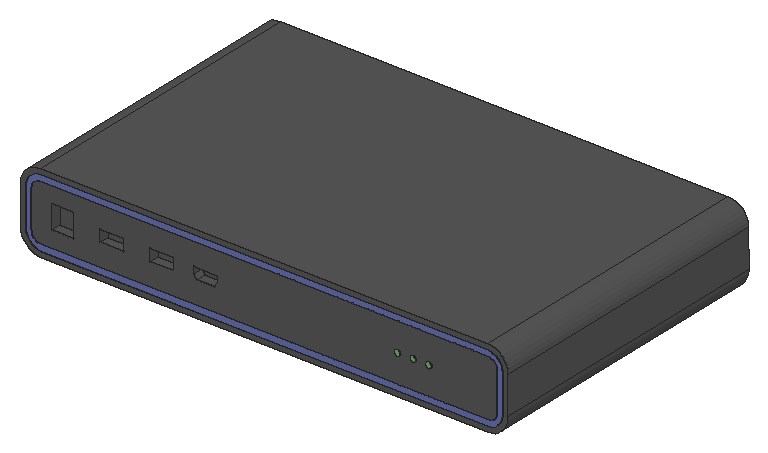
Revit family "Electronics_Huddle-Room-Solutions_Biamp_Devio_Conferencing-Hub_SCR-25__", category Communication Devices, host Face, Revit 2020
Family settings
  Host = Face
  Maintain Annotation Orientation = No
  Round Connector Dimension = Use Diameter
  Part Type = Normal
  OmniClass Number = 23.85.10.17.11.11
  OmniClass Title = Broadcasting Receiving Equipment
  Cut with Voids When Loaded = No
  Shared = No
  Room Calculation Point = No
Parameters (values of type "SCR-25")
  Width = 0' - 11 3/16"  # constant formula
  Weight = 2.00 lbf  # constant formula
  Voltage = 24 V
  USB Sample Rate = "48 kHz"  # constant formula
  USB Device Charging = "Up to 5 W - Requires USB connection to computer"  # constant formula
  USB Bit Depth = "24-bit"  # constant formula
  URL = "https://www.biamp.com/"
  Temperature Range = "32 - 104° F (0 – 40° C)"  # constant formula
  THD+N = "1 kHz, 20 kHz bandwidth, 1 W: < 0.03%"  # constant formula
  Supported Resolutions = "640 x 480p (60 Hz); 720 x 480p (60 Hz); 720 x 576p (50 Hz); 1280 x 720p (50/60 Hz); 1920 x 1080p (50/60 Hz); 3840 x 2160p (30 Hz) - Supported on Output Port 1 only"  # constant formula
  SNMP = "See support website for the full list of attributes"  # constant formula
  Product data url = "https://www.bimobject.com/biamp/product/devio-scr-25_huddle-room-solution"
  Product Page URL = "https://www.biamp.com/products/product-families/devio/huddle-room-solutions#devio-scr-25"
  Product Documentation Link = "https://downloads.biamp.com/assets/docs/default-source/data-sheets/biamp_data_sheet_devio_scr-25_may21.pdf"
  Power Factor = 1
  Physical Interfaces = "HDMI"  # constant formula
  Number of Poles = 1
  Number of Channels = "1"  # constant formula
  Network Connection = "RJ-45 with Ethernet cable (Cat 5e and above)"  # constant formula
  Model = "Devio SCR-25"  # constant formula
  Minimum Operational Load = "4 ohm"  # constant formula
  Compliance = "FCC Part 15B (USA) UL and C-UL listed (USA and Canada) CE Marked (Europe) RoHS Directive (Europe)"  # constant formula
  Bluetooth Wireless Range = "Up to 100 feet (30 m)"  # constant formula
  Bluetooth Receive Sensitivity = "0.1% BER: -88 dBm"  # constant formula
  Bluetooth Maximum Transmit Power = "BER/EDR: 6.43 dBm (EIRP); BLE: 7.69 dBm (EIRP)"  # constant formula
  Max Power Consumption = 60 W
  Manufacturer = "Biamp"  # constant formula
  Intermodulation distortion = "SMPTE, 60 Hz/7 kHz, 4:1, 1W: < 0.07%"  # constant formula
  Indicators = "Mic Status Indicator (Green/Red LED); Room Tuning Indicator (Green/Red LED); Power/Wireless Indicator (Green/Red/Blue LED)"  # constant formula
  Humidity = "0-95% relative humidity (non-condensing)"  # constant formula
  Housing Material = Biamp - Plastic - Black
  Height = 0' - 1 13/16"  # constant formula
  Headset THD+N = "1 kHz - 4 kHz, 8 kHz B/W, FS: < 0.05%"  # constant formula
  Headset Maximum Output = "-3 dBu"  # constant formula
  Headset Frequency Response = "200 Hz - 8 kHz, FS: ±0.5 dB"  # constant formula
  Headset Dynamic Range = "THD+N < 0.05%: 80 dB, A-Weighted"  # constant formula
  HDMI Audio Formats = "2ch L-PCM, 44.1 kHz/48 kHz, 16-bit"  # constant formula
  HDCP Support = "1.4"  # constant formula
  Frequency Response = "20 Hz - 20 kHz: +0.2/-0.5 dB"  # constant formula
  Dynamic Range = "THD+N < 0.5%: 100 dB, A-Weighted "  # constant formula
  Description = "Devio® SCR-25 Conferencing Hub"  # constant formula
  Depth = 0' - 6 57/64"  # constant formula
  Default Elevation = 4' - 0"
  Continuous Power Output = "THD+N < 0.025%: 20 W into Rated Load Impedance"  # constant formula
  Connector Description = "24V DC 60W"  # constant formula
  Bluetooth Version = "4.2, Class 2"  # constant formula
  Bluetooth Supported Profiles = "Hands-Free Profile 1.7 (HFP); Audio/Video Remote Control Profile 1.6 (AVRCP); Advanced Audio Distribution Profile 1.3 (A2DP)"  # constant formula
  Bluetooth Supported Codecs = "CVSD (8 kHz), mSBC (16 kHz) SBC (44.1 kHz), SBC (48 kHz)"  # constant formula
  Bluetooth Mode = "Bluetooth Classic"  # constant formula
  Bluetooth Frequency Band = "2402-2480 MHz"  # constant formula
  Audio THD+N = "20 Hz - 10 kHz, 20 kHz B/W, FS: < 0.005%"  # constant formula
  Audio Sampling Rate = "48 kHz"  # constant formula
  Audio Output Impedance = "100 ohm (unbalanced)"  # constant formula
  Audio Maximum Output = "+8.5 dBu"  # constant formula
  Audio Frequency Response = "20 Hz - 20 kHz, FS: +0/-0.25 dB"  # constant formula
  Audio Dynamic Range = "THD+N < 0.005%: 107 dB, A-Weighted"  # constant formula
  Audio D/A Converters = "24-bit"  # constant formula
  Apparent Load = Max Power Consumption / Power Factor  # 60 VA
  Altitude = "0-6,600 ft (0-2000m) MSL"  # constant formula
Reference planes (in)
  plane 1 "Center (Front/Back)": y = 0
  plane 2: z = 0
  plane 3 "Center (Left/Right)": x = 0
  plane 4: x = -5.59375
  plane 5: x = 5.59375
  plane 6: y = 3.44531
  plane 7: y = -3.44531
  plane 8: z = 1.8125
Forms (in)
  Extrusion 1, solid, material "Biamp - Plastic - Black" <- "Housing Material", detail levels fine
    sketch origin (0, 0, 0) x (1, 0, 0) y (0, 0, 1)
      loop
        line (-5.09375, 0) -> (5.125, 0)
        arc (5.125, 0) -> (5.45646, 0.13729) -> (5.59375, 0.46875) r 0.46875
        line (5.59375, 0.46875) -> (5.59375, 1.34375)
        arc (5.59375, 1.34375) -> (5.45646, 1.67521) -> (5.125, 1.8125) r 0.46875
        line (5.125, 1.8125) -> (-5.125, 1.8125)
        arc (-5.125, 1.8125) -> (-5.45646, 1.67521) -> (-5.59375, 1.34375) r 0.46875
        line (-5.59375, 1.34375) -> (-5.59375, 0.5)
        arc (-5.59375, 0.5) -> (-5.4473, 0.14645) -> (-5.09375, 0) r 0.5
    from -3.44531 to 3.44531
  Extrusion 2, void, detail levels fine
    sketch origin (0, -3.44531, 0) x (-1, 0, 0) y (0, 0, 1)
      loop
        line (5.125, 1.6875) -> (-5.125, 1.6875)
        arc (-5.125, 1.6875) -> (-5.36807, 1.58682) -> (-5.46875, 1.34375) r 0.34375
        line (-5.46875, 1.34375) -> (-5.46875, 0.46875)
        arc (-5.46875, 0.46875) -> (-5.36807, 0.22568) -> (-5.125, 0.125) r 0.34375
        line (-5.125, 0.125) -> (5.09375, 0.125)
        arc (5.09375, 0.125) -> (5.35892, 0.23483) -> (5.46875, 0.5) r 0.375
        line (5.46875, 0.5) -> (5.46875, 1.34375)
        arc (5.46875, 1.34375) -> (5.36807, 1.58682) -> (5.125, 1.6875) r 0.34375
    from 0 to 0.23779
  Extrusion 3, void, detail levels fine
    sketch origin (0, 3.44531, 0) x (-1, 0, 0) y (0, 0, -1)
      loop
        arc (5.125, -1.6875) -> (5.36807, -1.58682) -> (5.46875, -1.34375) r 0.34375
        line (5.46875, -1.34375) -> (5.46875, -0.5)
        arc (5.46875, -0.5) -> (5.35892, -0.23483) -> (5.09375, -0.125) r 0.375
        line (5.09375, -0.125) -> (-0.46875, -0.125)
        arc (-0.46875, -0.125) -> (-0.6875, -0.34375) -> (-0.90625, -0.125) r 0.21875
        line (-0.90625, -0.125) -> (-4.53125, -0.125)
        arc (-4.53125, -0.125) -> (-4.75, -0.34375) -> (-4.96875, -0.125) r 0.21875
        line (-4.96875, -0.125) -> (-5.125, -0.125)
        arc (-5.125, -0.125) -> (-5.36807, -0.22568) -> (-5.46875, -0.46875) r 0.34375
        line (-5.46875, -0.46875) -> (-5.46875, -1.34375)
        arc (-5.46875, -1.34375) -> (-5.36807, -1.58682) -> (-5.125, -1.6875) r 0.34375
        line (-5.125, -1.6875) -> (5.125, -1.6875)
    from 0 to 0.23779
  Extrusion 4, solid, material "Biamp - Plastic - Blue", detail levels medium+fine
    sketch origin (0, -3.44531, 0) x (1, 0, 0) y (0, 0, 1)
      loop
        line (-5.46875, 1.34375) -> (-5.46875, 0.5)
        arc (-5.46875, 0.5) -> (-5.35892, 0.23483) -> (-5.09375, 0.125) r 0.375
        line (-5.09375, 0.125) -> (5.125, 0.125)
        arc (5.125, 0.125) -> (5.36807, 0.22568) -> (5.46875, 0.46875) r 0.34375
        line (5.46875, 0.46875) -> (5.46875, 1.34375)
        arc (5.46875, 1.34375) -> (5.36807, 1.58682) -> (5.125, 1.6875) r 0.34375
        line (5.125, 1.6875) -> (-5.125, 1.6875)
        arc (-5.125, 1.6875) -> (-5.36807, 1.58682) -> (-5.46875, 1.34375) r 0.34375
      loop
        line (5.125, 1.5625) -> (-5.125, 1.5625)
        arc (-5.125, 1.5625) -> (-5.27968, 1.49843) -> (-5.34375, 1.34375) r 0.21875
        line (-5.34375, 1.34375) -> (-5.34375, 0.5)
        arc (-5.34375, 0.5) -> (-5.27053, 0.32322) -> (-5.09375, 0.25) r 0.25
        line (-5.09375, 0.25) -> (5.125, 0.25)
        arc (5.125, 0.25) -> (5.27968, 0.31407) -> (5.34375, 0.46875) r 0.21875
        line (5.34375, 0.46875) -> (5.34375, 1.34375)
        arc (5.34375, 1.34375) -> (5.27968, 1.49843) -> (5.125, 1.5625) r 0.21875
    from -0.23779 to 0
  Extrusion 5, solid, material "Biamp - Plastic - Blue", detail levels fine
    sketch origin (0, 3.44531, 0) x (1, 0, 0) y (0, 0, -1)
      loop
        arc (-5.46875, -1.34375) -> (-5.36807, -1.58682) -> (-5.125, -1.6875) r 0.34375
        line (-5.125, -1.6875) -> (5.125, -1.6875)
        arc (5.125, -1.6875) -> (5.36807, -1.58682) -> (5.46875, -1.34375) r 0.34375
        line (5.46875, -1.34375) -> (5.46875, -0.46875)
        arc (5.46875, -0.46875) -> (5.36807, -0.22568) -> (5.125, -0.125) r 0.34375
        line (5.125, -0.125) -> (4.96875, -0.125)
        arc (4.96875, -0.125) -> (4.75, -0.34375) -> (4.53125, -0.125) r 0.21875
        line (4.53125, -0.125) -> (0.90625, -0.125)
        arc (0.90625, -0.125) -> (0.6875, -0.34375) -> (0.46875, -0.125) r 0.21875
        line (0.46875, -0.125) -> (-5.09375, -0.125)
        arc (-5.09375, -0.125) -> (-5.35892, -0.23483) -> (-5.46875, -0.5) r 0.375
        line (-5.46875, -0.5) -> (-5.46875, -1.34375)
      loop
        arc (5.125, -1.5625) -> (5.27968, -1.49843) -> (5.34375, -1.34375) r 0.21875
        line (5.34375, -1.34375) -> (5.34375, -0.46875)
        arc (5.34375, -0.46875) -> (5.27968, -0.31407) -> (5.125, -0.25) r 0.21875
        line (5.125, -0.25) -> (4.98926, -0.25)
        arc (4.98926, -0.25) -> (4.95176, -0.25861) -> (4.92178, -0.28273) r 0.08593
        arc (4.92178, -0.28273) -> (4.75, -0.36604) -> (4.57822, -0.28273) r 0.21875
        arc (4.57822, -0.28273) -> (4.54824, -0.25861) -> (4.51074, -0.25) r 0.08594
        line (4.51074, -0.25) -> (0.92676, -0.25)
        arc (0.92676, -0.25) -> (0.88926, -0.25861) -> (0.85928, -0.28273) r 0.08594
        arc (0.85928, -0.28273) -> (0.6875, -0.36604) -> (0.51572, -0.28273) r 0.21875
        arc (0.51572, -0.28273) -> (0.48574, -0.25861) -> (0.44824, -0.25) r 0.08594
        line (0.44824, -0.25) -> (-5.09375, -0.25)
        arc (-5.09375, -0.25) -> (-5.27053, -0.32322) -> (-5.34375, -0.5) r 0.25
        line (-5.34375, -0.5) -> (-5.34375, -1.34375)
        arc (-5.34375, -1.34375) -> (-5.27968, -1.49843) -> (-5.125, -1.5625) r 0.21875
        line (-5.125, -1.5625) -> (5.125, -1.5625)
    from -0.23779 to 0
  Extrusion 6, solid, material "Biamp - Plastic - Black", detail levels fine
    sketch origin (0, -3.44531, 0) x (1, 0, 0) y (0, 0, 1)
      loop
        line (-5.34375, 1.34375) -> (-5.34375, 0.5)
        arc (-5.34375, 0.5) -> (-5.27053, 0.32322) -> (-5.09375, 0.25) r 0.25
        line (-5.09375, 0.25) -> (5.125, 0.25)
        arc (5.125, 0.25) -> (5.27968, 0.31407) -> (5.34375, 0.46875) r 0.21875
        line (5.34375, 0.46875) -> (5.34375, 1.34375)
        arc (5.34375, 1.34375) -> (5.27968, 1.49843) -> (5.125, 1.5625) r 0.21875
        line (5.125, 1.5625) -> (-5.125, 1.5625)
        arc (-5.125, 1.5625) -> (-5.27968, 1.49843) -> (-5.34375, 1.34375) r 0.21875
    from -0.23779 to 0
  Extrusion 7, solid, material "Biamp - Plastic - Black", detail levels fine
    sketch origin (0, 3.44531, 0) x (1, 0, 0) y (0, 0, -1)
      loop
        arc (-5.34375, -1.34375) -> (-5.27968, -1.49843) -> (-5.125, -1.5625) r 0.21875
        line (-5.125, -1.5625) -> (5.125, -1.5625)
        arc (5.125, -1.5625) -> (5.27968, -1.49843) -> (5.34375, -1.34375) r 0.21875
        line (5.34375, -1.34375) -> (5.34375, -0.46875)
        arc (5.34375, -0.46875) -> (5.27968, -0.31407) -> (5.125, -0.25) r 0.21875
        line (5.125, -0.25) -> (4.98926, -0.25)
        arc (4.98926, -0.25) -> (4.95176, -0.25861) -> (4.92178, -0.28273) r 0.08593
        arc (4.92178, -0.28273) -> (4.75, -0.36604) -> (4.57822, -0.28273) r 0.21875
        arc (4.57822, -0.28273) -> (4.54824, -0.25861) -> (4.51074, -0.25) r 0.08594
        line (4.51074, -0.25) -> (0.92676, -0.25)
        arc (0.92676, -0.25) -> (0.88926, -0.25861) -> (0.85928, -0.28273) r 0.08594
        arc (0.85928, -0.28273) -> (0.6875, -0.36604) -> (0.51572, -0.28273) r 0.21875
        arc (0.51572, -0.28273) -> (0.48574, -0.25861) -> (0.44824, -0.25) r 0.08594
        line (0.44824, -0.25) -> (-5.09375, -0.25)
        arc (-5.09375, -0.25) -> (-5.27053, -0.32322) -> (-5.34375, -0.5) r 0.25
        line (-5.34375, -0.5) -> (-5.34375, -1.34375)
    from -0.23779 to 0
  Extrusion 8, void, detail levels fine
    sketch origin (0, -3.44531, 0) x (-1, 0, 0) y (0, 0, 1)
      loop
        line (4.875, 0.64844) -> (4.875, 1.19531) -> (4.35938, 1.19531) -> (4.35938, 0.64844) -> (4.875, 0.64844)
    from 0 to 0.22294
  Extrusion 9, void, detail levels fine
    sketch origin (1.0589, -3.44531, 0) x (-1, 0, 0) y (0, 0, 1)
      loop
        line (4.82452, 0.78125) -> (4.82452, 1.0625) -> (4.27765, 1.0625) -> (4.27765, 0.78125) -> (4.82452, 0.78125)
    from 0 to 0.22294
  Extrusion 10, void, detail levels fine
    sketch origin (2.19952, -3.44531, 0) x (-1, 0, 0) y (0, 0, 1)
      loop
        line (4.82452, 0.78125) -> (4.82452, 1.0625) -> (4.27765, 1.0625) -> (4.27765, 0.78125) -> (4.82452, 0.78125)
    from 0 to 0.22294
  Extrusion 11, void, detail levels fine
    sketch origin (3.21515, -3.44531, 0) x (-1, 0, 0) y (0, 0, 1)
      loop
        line (4.75421, 0.79688) -> (4.82452, 0.89063) -> (4.82452, 1.04688) -> (4.27765, 1.04688) -> (4.27765, 0.89628) -> (4.34796, 0.79688) -> (4.75421, 0.79688)
    from 0 to 0.22294
  Extrusion 12, solid, material "Biamp - Plastic - Green", detail levels fine
    sketch origin (0, -3.44531, 0) x (1, 0, 0) y (0, 0, 1)
      loop
        circle (3.78125, 0.90625) r 0.0625
      loop
        circle (3.42187, 0.90625) r 0.0625
      loop
        circle (3.0625, 0.90625) r 0.0625
    from -0.23779 to 0.0034
  Extrusion 13, void, detail levels fine
    sketch origin (0, 0, 0) x (1, 0, 0) y (0, 0, 1)
      loop
        circle (4.59375, 0.89063) r 0.28125
    from -3.44531 to -3.2373
  Extrusion 14, void, detail levels fine
    sketch origin (0, 0, 0) x (1, 0, 0) y (0, 0, 1)
      loop
        circle (4.09064, 0.75311) r 0.06561
    from -3.44531 to -3.2373
  Extrusion 15, void, detail levels fine
    sketch origin (-0.96894, 0, 0) x (1, 0, 0) y (0, 0, 1)
      loop
        line (4.86776, 1.15625) -> (4.19589, 1.15625) -> (4.19589, 0.60938) -> (4.86776, 0.60938) -> (4.86776, 1.15625)
    from -3.44531 to -3.2373
  Extrusion 16, void, detail levels fine
    sketch origin (-2.00932, 0, 0) x (1, 0, 0) y (0, 0, 1)
      loop
        line (4.79877, 1.04688) -> (4.36127, 1.04688) -> (4.36127, 0.60938) -> (4.79877, 0.60938) -> (4.79877, 1.04688)
    from -3.44531 to -3.2373
  Extrusion 17, void, detail levels fine
    sketch origin (-5.06484, 0, 0) x (1, 0, 0) y (0, 0, 1)
      loop
        line (4.99492, 1.15625) -> (4.32304, 1.15625) -> (4.32304, 0.60938) -> (4.99492, 0.60938) -> (4.99492, 1.15625)
    from -3.44531 to -3.2373
  Extrusion 18, void, detail levels fine
    sketch origin (-3, 0, 0) x (1, 0, 0) y (0, 0, 1)
      loop
        circle (4.16445, 0.89063) r 0.25
    from -3.44531 to -3.2373
  Extrusion 19, void, detail levels fine
    sketch origin (-3.58557, 0, 0) x (1, 0, 0) y (0, 0, 1)
      loop
        circle (4.20314, 0.89063) r 0.25
    from -3.44531 to -3.2373
  Extrusion 20, void, detail levels fine
    sketch origin (-5.10166, 0, 0) x (1, 0, 0) y (0, 0, 1)
      loop
        circle (4.05987, 0.75311) r 0.06561
    from -3.44531 to -3.2373
  Extrusion 21, void, detail levels fine
    sketch origin (-6.00444, 0, 0) x (1, 0, 0) y (0, 0, 1)
      loop
        line (4.25641, 0.60938) -> (4.35016, 0.70313) -> (4.35016, 0.85938) -> (3.72516, 0.85938) -> (3.72516, 0.70313) -> (3.81891, 0.60938) -> (4.25641, 0.60938)
    from -3.44531 to -3.2373
  Extrusion 22, void, detail levels fine
    sketch origin (-7.30131, 0, 0) x (1, 0, 0) y (0, 0, 1)
      loop
        line (4.25641, 0.60938) -> (4.35016, 0.70313) -> (4.35016, 0.85938) -> (3.72516, 0.85938) -> (3.72516, 0.70313) -> (3.81891, 0.60938) -> (4.25641, 0.60938)
    from -3.44531 to -3.2373
  Extrusion 23, void, detail levels fine
    sketch origin (-8.39506, 0, 0) x (1, 0, 0) y (0, 0, 1)
      loop
        line (4.35016, 0.625) -> (4.35016, 0.90625) -> (3.80328, 0.90625) -> (3.80328, 0.625) -> (4.35016, 0.625)
    from -3.44531 to -3.2373
  Extrusion 24, solid, material "Biamp - Plastic - Black" <- "Housing Material", detail levels medium
    sketch origin (0, -3.44531, 0) x (1, 0, 0) y (0, 0, 1)
      loop
        arc (-5.125, 1.8125) -> (-5.45646, 1.67521) -> (-5.59375, 1.34375) r 0.46875
        line (-5.59375, 1.34375) -> (-5.59375, 0.5)
        arc (-5.59375, 0.5) -> (-5.4473, 0.14645) -> (-5.09375, 0) r 0.5
        line (-5.09375, 0) -> (5.125, 0)
        arc (5.125, 0) -> (5.45646, 0.13729) -> (5.59375, 0.46875) r 0.46875
        line (5.59375, 0.46875) -> (5.59375, 1.34375)
        arc (5.59375, 1.34375) -> (5.45646, 1.67521) -> (5.125, 1.8125) r 0.46875
        line (5.125, 1.8125) -> (-5.125, 1.8125)
      loop
        arc (-5.34375, 0.5) -> (-5.27053, 0.32322) -> (-5.09375, 0.25) r 0.25
        line (-5.09375, 0.25) -> (5.125, 0.25)
        arc (5.125, 0.25) -> (5.27968, 0.31407) -> (5.34375, 0.46875) r 0.21875
        line (5.34375, 0.46875) -> (5.34375, 1.34375)
        arc (5.34375, 1.34375) -> (5.27968, 1.49843) -> (5.125, 1.5625) r 0.21875
        line (5.125, 1.5625) -> (-5.125, 1.5625)
        arc (-5.125, 1.5625) -> (-5.27968, 1.49843) -> (-5.34375, 1.34375) r 0.21875
        line (-5.34375, 1.34375) -> (-5.34375, 0.5)
      loop
        line (-5.46875, 1.34375) -> (-5.46875, 0.5)
        arc (-5.46875, 0.5) -> (-5.35892, 0.23483) -> (-5.09375, 0.125) r 0.375
        line (-5.09375, 0.125) -> (5.125, 0.125)
        arc (5.125, 0.125) -> (5.36807, 0.22568) -> (5.46875, 0.46875) r 0.34375
        line (5.46875, 0.46875) -> (5.46875, 1.34375)
        arc (5.46875, 1.34375) -> (5.36807, 1.58682) -> (5.125, 1.6875) r 0.34375
        line (5.125, 1.6875) -> (-5.125, 1.6875)
        arc (-5.125, 1.6875) -> (-5.36807, 1.58682) -> (-5.46875, 1.34375) r 0.34375
    from -6.89062 to 0
  Extrusion 25, solid, material "Biamp - Plastic - Blue", detail levels medium
    sketch origin (0, 3.44531, 0) x (1, 0, 0) y (0, 0, -1)
      loop
        arc (-5.46875, -1.34375) -> (-5.36807, -1.58682) -> (-5.125, -1.6875) r 0.34375
        line (-5.125, -1.6875) -> (5.125, -1.6875)
        arc (5.125, -1.6875) -> (5.36807, -1.58682) -> (5.46875, -1.34375) r 0.34375
        line (5.46875, -1.34375) -> (5.46875, -0.46875)
        arc (5.46875, -0.46875) -> (5.36807, -0.22568) -> (5.125, -0.125) r 0.34375
        line (5.125, -0.125) -> (-5.09375, -0.125)
        arc (-5.09375, -0.125) -> (-5.35892, -0.23483) -> (-5.46875, -0.5) r 0.375
        line (-5.46875, -0.5) -> (-5.46875, -1.34375)
      loop
        arc (5.125, -1.5625) -> (5.27968, -1.49843) -> (5.34375, -1.34375) r 0.21875
        line (5.34375, -1.34375) -> (5.34375, -0.46875)
        arc (5.34375, -0.46875) -> (5.27968, -0.31407) -> (5.125, -0.25) r 0.21875
        line (5.125, -0.25) -> (-5.09375, -0.25)
        arc (-5.09375, -0.25) -> (-5.27053, -0.32322) -> (-5.34375, -0.5) r 0.25
        line (-5.34375, -0.5) -> (-5.34375, -1.34375)
        arc (-5.34375, -1.34375) -> (-5.27968, -1.49843) -> (-5.125, -1.5625) r 0.21875
        line (-5.125, -1.5625) -> (5.125, -1.5625)
    from -0.23779 to 0
  Extrusion 26, solid, material "Biamp - Plastic - Black" <- "Housing Material", detail levels coarse
    sketch origin (0, 0, 0) x (1, 0, 0) y (0, 0, 1)
      loop
        line (5.59375, 1.8125) -> (-5.59375, 1.8125) -> (-5.59375, 0) -> (5.59375, 0) -> (5.59375, 1.8125)
    from -3.44531 to 3.44531
  Extrusion 27, void
    sketch origin (-3.19029, 0, 0.73732) x (1, 0, 0) y (0, 0, 1)
      loop
        circle (4.09064, 0.75311) r 0.06561
    from -3.44531 to -3.2373
  Extrusion 28, void
    sketch origin (-6.05281, 0, 0.33502) x (1, 0, 0) y (0, 0, 1)
      loop
        circle (4.08603, 0.8703) r 0.06561
    from -3.44531 to -3.2373
  Extrusion 29, void
    sketch origin (-7.36531, 0, 0.33502) x (1, 0, 0) y (0, 0, 1)
      loop
        circle (4.10165, 0.8703) r 0.06561
    from -3.44531 to -3.2373
  Extrusion 30, void
    sketch origin (-2.71035, 0, 0) x (1, 0, 0) y (0, 0, 1)
      loop
        line (4.79877, 1.17188) -> (4.36127, 1.17188) -> (4.36127, 0.60938) -> (4.79877, 0.60938) -> (4.79877, 1.17188)
    from -3.44531 to -3.2373
  Extrusion 31, solid, material "Biamp - Plastic - Black", detail levels fine
    sketch origin (0, 3.44531, 0) x (1, 0, 0) y (0, 0, -1)
      loop
        arc (-5.34375, -1.34375) -> (-5.27968, -1.49843) -> (-5.125, -1.5625) r 0.21875
        line (-5.125, -1.5625) -> (5.125, -1.5625)
        arc (5.125, -1.5625) -> (5.27968, -1.49843) -> (5.34375, -1.34375) r 0.21875
        line (5.34375, -1.34375) -> (5.34375, -0.46875)
        arc (5.34375, -0.46875) -> (5.27968, -0.31407) -> (5.125, -0.25) r 0.21875
        line (5.125, -0.25) -> (4.98926, -0.25)
        arc (4.98926, -0.25) -> (4.95176, -0.25861) -> (4.92178, -0.28273) r 0.08593
        arc (4.92178, -0.28273) -> (4.75, -0.36604) -> (4.57822, -0.28273) r 0.21875
        arc (4.57822, -0.28273) -> (4.54824, -0.25861) -> (4.51074, -0.25) r 0.08594
        line (4.51074, -0.25) -> (0.92676, -0.25)
        arc (0.92676, -0.25) -> (0.88926, -0.25861) -> (0.85928, -0.28273) r 0.08594
        arc (0.85928, -0.28273) -> (0.6875, -0.36604) -> (0.51572, -0.28273) r 0.21875
        arc (0.51572, -0.28273) -> (0.48574, -0.25861) -> (0.44824, -0.25) r 0.08594
        line (0.44824, -0.25) -> (-5.09375, -0.25)
        arc (-5.09375, -0.25) -> (-5.27053, -0.32322) -> (-5.34375, -0.5) r 0.25
        line (-5.34375, -0.5) -> (-5.34375, -1.34375)
    from -0.23779 to 0
  Extrusion 32, solid, material "Biamp - Plastic - Black", detail levels fine
    sketch origin (0, -3.44531, 0) x (1, 0, 0) y (0, 0, 1)
      loop
        line (-5.34375, 1.34375) -> (-5.34375, 0.5)
        arc (-5.34375, 0.5) -> (-5.27053, 0.32322) -> (-5.09375, 0.25) r 0.25
        line (-5.09375, 0.25) -> (5.125, 0.25)
        arc (5.125, 0.25) -> (5.27968, 0.31407) -> (5.34375, 0.46875) r 0.21875
        line (5.34375, 0.46875) -> (5.34375, 1.34375)
        arc (5.34375, 1.34375) -> (5.27968, 1.49843) -> (5.125, 1.5625) r 0.21875
        line (5.125, 1.5625) -> (-5.125, 1.5625)
        arc (-5.125, 1.5625) -> (-5.27968, 1.49843) -> (-5.34375, 1.34375) r 0.21875
    from -0.23779 to 0
Cuts and joins
  Extrusion 2, Extrusion 3, Extrusion 8, Extrusion 9, Extrusion 10, Extrusion 11, Extrusion 13, Extrusion 14 cuts Extrusion 1
  Extrusion 8, Extrusion 9, Extrusion 10, Extrusion 11, Extrusion 13, Extrusion 14 cuts Extrusion 6
  Extrusion 8, Extrusion 13, Extrusion 14, Extrusion 15, Extrusion 16, Extrusion 17, Extrusion 18, Extrusion 19, Extrusion 20, Extrusion 21, Extrusion 22, Extrusion 23, Extrusion 27, Extrusion 28, Extrusion 29 cuts Extrusion 7
  Extrusion 8, Extrusion 9, Extrusion 10, Extrusion 11 cuts Extrusion 32
  Extrusion 13, Extrusion 14, Extrusion 15, Extrusion 16, Extrusion 17, Extrusion 18, Extrusion 19, Extrusion 20, Extrusion 21, Extrusion 22, Extrusion 23, Extrusion 27, Extrusion 28, Extrusion 29, Extrusion 30 cuts Extrusion 31
  Extrusion 29 cuts Extrusion 25
Lines and regions (in)
  Masking region 1
    outline origin (0, 0, 0) x (1, 0, 0) y (0, 1, 0)
      loop
        line (-5.59375, 3.44531) -> (-5.59375, -3.44531) -> (5.59375, -3.44531) -> (5.59375, 3.44531) -> (-5.59375, 3.44531)
Dimensions and locks (in)
  "Width": plane 4 to plane 5
  equal spacing: plane 4, plane 3 "Center (Left/Right)", plane 5
  equal spacing: plane 6, plane 1 "Center (Front/Back)", plane 7
  "Depth": plane 6 to plane 7
  "Height": plane 8 to level
  aligned and locked: plane 2 to host face
  aligned and locked: level to host face
  aligned and locked: Extrusion 1 sketch curve to level
  aligned and locked: Extrusion 1 sketch curve to plane 4
  aligned and locked: plane 8 to Extrusion 1 sketch curve
  aligned and locked: plane 5 to Extrusion 1 sketch curve
  aligned and locked: plane 6 to Extrusion 1
  aligned and locked: Extrusion 1 to plane 7
  aligned and locked: plane 6 to Extrusion 14
  aligned and locked: plane 6 to Extrusion 24
  aligned and locked: Extrusion 24 to plane 7
  aligned and locked: plane 8 to Extrusion 26 sketch curve
  aligned and locked: plane 5 to Extrusion 26 sketch curve
  aligned and locked: Extrusion 26 sketch curve to level
  aligned and locked: Extrusion 26 sketch curve to plane 4
  aligned and locked: plane 6 to Extrusion 26
  aligned and locked: Extrusion 26 to plane 7
  aligned and locked: Masking region 1 sketch curve to Extrusion 26  (x4)
Automatic sketch dimensions
  host sketch curve to host sketch curve = 8' - 0"  (x2)
  plane 4 to Extrusion 1 sketch curve = 0' - 0 15/32"
  plane 4 to Extrusion 1 sketch curve = 0' - 0 1/2"
  Extrusion 1 sketch curve to Extrusion 1 sketch curve = 0' - 0 15/32"
  Extrusion 1 sketch curve to plane 5 = 0' - 0 15/32"
  Extrusion 2 sketch curve to Extrusion 2 sketch curve = 0' - 0 11/32"
  Extrusion 1 to Extrusion 2 sketch curve = 0' - 0 1/2"
  Extrusion 3 sketch curve to plane 5 = 0' - 0 1/8"
  Extrusion 3 sketch curve to Extrusion 3 sketch curve = 0' - 0 11/32"  (x2)
  Extrusion 3 sketch curve to Extrusion 3 sketch curve = 0' - 0 5/32"
  Extrusion 3 sketch curve to Extrusion 3 sketch curve = 0' - 0 7/32"  (x2)
  level to Extrusion 3 sketch curve = 0' - 0 1/8"
  plane 3 "Center (Left/Right)" to Extrusion 3 sketch curve = 0' - 0 29/32"
  plane 4 to Extrusion 3 sketch curve = 0' - 0 1/2"
  plane 4 to Extrusion 3 sketch curve = 0' - 0 15/32"
  plane 4 to Extrusion 3 sketch curve = 0' - 0 1/8"
  Extrusion 3 sketch curve to plane 8 = 0' - 0 15/32"
  Extrusion 4 sketch curve to Extrusion 4 sketch curve = 0' - 0"  (x4)
  Extrusion 5 sketch curve to Extrusion 5 sketch curve = 0' - 0"  (x12)
  plane 4 to Extrusion 5 sketch curve = 0' - 0 1/8"
  Extrusion 5 sketch curve to Extrusion 5 sketch curve = 0' - 0 1/8"
  Extrusion 5 sketch curve to Extrusion 5 sketch curve = 0' - 0 7/32"  (x4)
  level to Extrusion 5 sketch curve = 0' - 0 1/4"  (x2)
  Extrusion 5 sketch curve to Extrusion 5 sketch curve = 0' - 0 1/4"
  plane 3 "Center (Left/Right)" to Extrusion 5 sketch curve = 0' - 0.44824"
  Extrusion 5 sketch curve to Extrusion 5 sketch curve = 0' - 0.02051"  (x4)
  Extrusion 5 sketch curve to plane 5 = 0' - 1.08301"
  Extrusion 5 sketch curve to plane 5 = 0' - 0 15/32"
  Extrusion 5 sketch curve to Extrusion 5 sketch curve = 0' - 0.13574"
  Extrusion 5 sketch curve to plane 8 = 0' - 0 15/32"
  Extrusion 5 sketch curve to Extrusion 5 sketch curve = 0' - 0 11/128"  (x4)
  Extrusion 5 sketch curve to Extrusion 5 sketch curve = 0' - 0.02229"  (x2)
  Extrusion 6 sketch curve to Extrusion 6 sketch curve = 0' - 0 1/4"
  Extrusion 6 sketch curve to Extrusion 6 sketch curve = 0' - 0 7/32"
  plane 4 to Extrusion 7 sketch curve = 0' - 0 1/4"
  Extrusion 7 sketch curve to Extrusion 7 sketch curve = 0' - 0 7/32"  (x2)
  Extrusion 7 sketch curve to Extrusion 7 sketch curve = 0' - 0 1/4"
  plane 3 "Center (Left/Right)" to Extrusion 7 sketch curve = 0' - 0.44824"
  Extrusion 7 sketch curve to Extrusion 7 sketch curve = 0' - 0.23926"  (x4)
  level to Extrusion 7 sketch curve = 0' - 0 43/128"  (x2)
  Extrusion 7 sketch curve to plane 5 = 0' - 1.08301"
  Extrusion 7 sketch curve to Extrusion 7 sketch curve = 0' - 0.13574"
  Extrusion 7 sketch curve to plane 5 = 0' - 0 15/32"
  level to Extrusion 7 sketch curve = 0' - 0 15/32"
  level to Extrusion 7 sketch curve = 0' - 0 1/2"
  Extrusion 7 sketch curve to plane 8 = 0' - 0 15/32"
  Extrusion 7 sketch curve to Extrusion 7 sketch curve = 0' - 0 11/128"  (x3)
  level to Extrusion 7 sketch curve = 0' - 0.14729"  (x2)
  Extrusion 7 sketch curve to Extrusion 7 sketch curve = 0' - 0"  (x2)
  Extrusion 1 to Extrusion 9 sketch curve = 0' - 0 25/32"
  Extrusion 1 to Extrusion 9 sketch curve = 0' - 2 3/8"
  Extrusion 1 to Extrusion 10 sketch curve = 0' - 0 25/32"
  Extrusion 1 to Extrusion 10 sketch curve = 0' - 3 33/64"
  Extrusion 1 to Extrusion 11 sketch curve = 0' - 0.89628"
  Extrusion 1 to Extrusion 11 sketch curve = 0' - 4 17/32"
  Extrusion 12 sketch curve to Extrusion 1 = 0' - 0 29/32"
  Extrusion 12 sketch curve to Extrusion 1 = 0' - 2 17/32"
  Extrusion 12 sketch curve to Extrusion 12 sketch curve = 0' - 0 23/64"  (x2)
  Extrusion 12 sketch curve to Extrusion 12 sketch curve = 0' - 0"  (x2)
  Extrusion 16 sketch curve to plane 8 = 0' - 0 49/64"
  plane 3 "Center (Left/Right)" to Extrusion 16 sketch curve = 0' - 2.35195"
  Extrusion 17 sketch curve to plane 3 "Center (Left/Right)" = 0' - 0.7418"
  level to Extrusion 17 sketch curve = 0' - 0 39/64"
  level to Extrusion 21 sketch curve = 0' - 0 55/64"
  Extrusion 21 sketch curve to plane 3 "Center (Left/Right)" = 0' - 2.27928"
  level to Extrusion 22 sketch curve = 0' - 0 55/64"
  plane 4 to Extrusion 22 sketch curve = 0' - 2.01759"
  level to Extrusion 22 sketch curve = 0' - 0 39/64"
  plane 4 to Extrusion 23 sketch curve = 0' - 1.00197"
  level to Extrusion 23 sketch curve = 0' - 0 5/8"
  Extrusion 24 sketch curve to Extrusion 24 sketch curve = 0' - 0"  (x6)
  Extrusion 25 sketch curve to Extrusion 25 sketch curve = 0' - 0"  (x8)
  plane 4 to Extrusion 25 sketch curve = 0' - 0 1/8"
  Extrusion 25 sketch curve to Extrusion 25 sketch curve = 0' - 0 1/8"
  Extrusion 25 sketch curve to plane 8 = 0' - 0 1/8"
  Extrusion 25 sketch curve to Extrusion 25 sketch curve = 0' - 0 7/32"  (x2)
  level to Extrusion 25 sketch curve = 0' - 0 1/4"
  Extrusion 25 sketch curve to Extrusion 25 sketch curve = 0' - 0 1/4"
  Extrusion 25 sketch curve to plane 5 = 0' - 0 15/32"  (x2)
  Extrusion 27 sketch curve to plane 8 = 0' - 0.32207"
  plane 3 "Center (Left/Right)" to Extrusion 27 sketch curve = 0' - 0.90035"
  Extrusion 28 sketch curve to plane 8 = 0' - 0.60718"
  Extrusion 28 sketch curve to plane 3 "Center (Left/Right)" = 0' - 1.96678"
  Extrusion 29 sketch curve to plane 8 = 0' - 0.60718"
  plane 4 to Extrusion 29 sketch curve = 0' - 2.33009"
  Extrusion 30 sketch curve to plane 8 = 0' - 0 41/64"
  plane 3 "Center (Left/Right)" to Extrusion 30 sketch curve = 0' - 1.65092"
  plane 4 to Extrusion 31 sketch curve = 0' - 0 1/4"
  Extrusion 31 sketch curve to Extrusion 31 sketch curve = 0' - 0 7/32"  (x2)
  Extrusion 31 sketch curve to Extrusion 31 sketch curve = 0' - 0 1/4"
  plane 3 "Center (Left/Right)" to Extrusion 31 sketch curve = 0' - 0.44824"
  Extrusion 31 sketch curve to Extrusion 31 sketch curve = 0' - 0.23926"  (x4)
  level to Extrusion 31 sketch curve = 0' - 0 43/128"  (x2)
  Extrusion 31 sketch curve to plane 5 = 0' - 1.08301"
  Extrusion 31 sketch curve to Extrusion 31 sketch curve = 0' - 0.13574"
  Extrusion 31 sketch curve to plane 5 = 0' - 0 15/32"
  level to Extrusion 31 sketch curve = 0' - 0 15/32"
  level to Extrusion 31 sketch curve = 0' - 0 1/2"
  Extrusion 31 sketch curve to plane 8 = 0' - 0 15/32"
  Extrusion 31 sketch curve to Extrusion 31 sketch curve = 0' - 0 11/128"  (x3)
  level to Extrusion 31 sketch curve = 0' - 0.14729"  (x2)
  Extrusion 31 sketch curve to Extrusion 31 sketch curve = 0' - 0"  (x2)
  Extrusion 32 sketch curve to Extrusion 1 = 0' - 0 1/4"  (x3)
  Extrusion 32 sketch curve to Extrusion 32 sketch curve = 0' - 0 7/32"
  Extrusion 32 sketch curve to Extrusion 32 sketch curve = 0' - 0 1/4"
  Extrusion 32 sketch curve to Extrusion 1 = 0' - 0 15/32"  (x2)
  Extrusion 32 sketch curve to Extrusion 1 = 0' - 0 1/2"
  Extrusion 1 to Extrusion 8 sketch curve = 0' - 1 15/64"
  Extrusion 1 to Extrusion 8 sketch curve = 0' - 0 83/128"
  Extrusion 8 sketch curve to Extrusion 8 sketch curve = 0' - 0 33/64"
  Extrusion 8 sketch curve to Extrusion 8 sketch curve = 0' - 0 35/64"
  Extrusion 9 sketch curve to Extrusion 9 sketch curve = 0' - 0 35/64"
  Extrusion 9 sketch curve to Extrusion 9 sketch curve = 0' - 0 9/32"
  Extrusion 10 sketch curve to Extrusion 10 sketch curve = 0' - 0 35/64"
  Extrusion 10 sketch curve to Extrusion 10 sketch curve = 0' - 0 9/32"
  Extrusion 1 to Extrusion 11 sketch curve = 0' - 0 51/64"
  Extrusion 11 sketch curve to Extrusion 11 sketch curve = 0' - 0 9/128"  (x2)
  Extrusion 11 sketch curve to Extrusion 11 sketch curve = 0' - 0 13/32"
  Extrusion 11 sketch curve to Extrusion 11 sketch curve = 0' - 0.15059"
  Extrusion 1 to Extrusion 11 sketch curve = 0' - 0 57/64"
  Extrusion 13 sketch curve to plane 5 = 0' - 1"
  level to Extrusion 13 sketch curve = 0' - 0 57/64"
  Extrusion 14 sketch curve to plane 5 = 0' - 1.50311"
  level to Extrusion 14 sketch curve = 0' - 0.75311"
  Extrusion 15 sketch curve to plane 8 = 0' - 0 21/32"
  Extrusion 15 sketch curve to plane 5 = 0' - 2.3668"
  Extrusion 15 sketch curve to Extrusion 15 sketch curve = 0' - 0 43/64"
  Extrusion 15 sketch curve to Extrusion 15 sketch curve = 0' - 0 35/64"
  Extrusion 16 sketch curve to Extrusion 16 sketch curve = 0' - 0 7/16"  (x2)
  Extrusion 30 sketch curve to Extrusion 30 sketch curve = 0' - 0 7/16"
  Extrusion 30 sketch curve to Extrusion 30 sketch curve = 0' - 0 9/16"
  plane 3 "Center (Left/Right)" to Extrusion 18 sketch curve = 0' - 1.16445"
  level to Extrusion 18 sketch curve = 0' - 0 57/64"
  plane 3 "Center (Left/Right)" to Extrusion 19 sketch curve = 0' - 0.61757"
  level to Extrusion 19 sketch curve = 0' - 0 57/64"
  Extrusion 17 sketch curve to plane 3 "Center (Left/Right)" = 0' - 0.06993"
  Extrusion 17 sketch curve to Extrusion 17 sketch curve = 0' - 0 35/64"
  Extrusion 20 sketch curve to plane 3 "Center (Left/Right)" = 0' - 1.04179"
  level to Extrusion 20 sketch curve = 0' - 0.75311"
  Extrusion 21 sketch curve to Extrusion 21 sketch curve = 0' - 0 3/32"  (x4)
  level to Extrusion 21 sketch curve = 0' - 0 39/64"
  Extrusion 21 sketch curve to Extrusion 21 sketch curve = 0' - 0 7/16"
  Extrusion 22 sketch curve to Extrusion 22 sketch curve = 0' - 0 3/32"  (x3)
  Extrusion 22 sketch curve to Extrusion 22 sketch curve = 0' - 0 7/16"
  level to Extrusion 22 sketch curve = 0' - 0 45/64"
  Extrusion 23 sketch curve to Extrusion 23 sketch curve = 0' - 0 35/64"
  Extrusion 23 sketch curve to Extrusion 23 sketch curve = 0' - 0 9/32"
  radius of Extrusion 2 sketch curve to Extrusion 1 = 0' - 0 1/8"  (x2)
  radius of Extrusion 4 sketch curve to Extrusion 1 = 0' - 0 1/8"  (x2)
  radius of Extrusion 4 sketch curve to Extrusion 1 = 0' - 0 1/4"  (x2)
  radius of Extrusion 6 sketch curve to Extrusion 1 = 0' - 0 1/4"  (x2)
  radius of Extrusion 12 sketch curve = 0' - 0 1/16"  (x3)
  radius of Extrusion 13 sketch curve = 0' - 0 9/32"
  radius of Extrusion 14 sketch curve = 0' - 0.06561"
  radius of Extrusion 18 sketch curve = 0' - 0 1/4"
  radius of Extrusion 19 sketch curve = 0' - 0 1/4"
  radius of Extrusion 20 sketch curve = 0' - 0.06561"
  radius of Extrusion 24 sketch curve to Extrusion 1 = 0' - 0"  (x2)
  radius of Extrusion 24 sketch curve to Extrusion 1 = 0' - 0 1/4"  (x2)
  radius of Extrusion 24 sketch curve to Extrusion 1 = 0' - 0 1/8"  (x2)
  radius of Extrusion 27 sketch curve = 0' - 0.06561"
  radius of Extrusion 28 sketch curve = 0' - 0.06561"
  radius of Extrusion 29 sketch curve = 0' - 0.06561"
Connectors (in)
  electrical at (4.59375, 3.44531, 0.89063), driven by "Connector Description", driven by "Power Factor", driven by "Apparent Load", driven by "Voltage", driven by "Number of Poles"
    settings: on cut or joined group 1 (Extrusion 7, Extrusion 8, Extrusion 13, Extrusion 14, Extrusion 15, Extrusion 16, Extrusion 17, Extrusion 18, Extrusion 19, Extrusion 20, Extrusion 21, Extrusion 22, Extrusion 23, Extrusion 27, Extrusion 28, Extrusion 29), index 1, voltage 24 V, apparent load 60 VA, apparent load phase1 0 VA, apparent load phase2 0 VA, apparent load phase3 0 VA, power factor 1, load classification "Other", number of poles 1, system type 30, power factor state 1, is connector primary yes, connector utility no, sub classification motor no, connector description "24V DC 60W"
  electrical at (3.56288, 3.44531, 0.88553)
    settings: on cut or joined group 1, index 2, voltage 0 V, apparent load 0 VA, apparent load phase1 0 VA, apparent load phase2 0 VA, apparent load phase3 0 VA, power factor 1, load classification "Other", number of poles 1, system type 5, power factor state 1, is connector primary no, connector utility no, sub classification motor no, connector description "RJ-45 with Ethernet cable (Cat 5e and above)"
  electrical at (2.5707, 3.44531, 0.76953)
    settings: on cut or joined group 1, index 3, voltage 0 V, apparent load 0 VA, apparent load phase1 0 VA, apparent load phase2 0 VA, apparent load phase3 0 VA, power factor 1, load classification "Other", number of poles 1, system type 5, power factor state 1, is connector primary no, connector utility no, sub classification motor no, connector description "Audio Output"
  electrical at (1.16445, 3.44531, 0.89063)
    settings: on cut or joined group 1, index 4, voltage 0 V, apparent load 0 VA, apparent load phase1 0 VA, apparent load phase2 0 VA, apparent load phase3 0 VA, power factor 1, load classification "Other", number of poles 1, system type 5, power factor state 1, is connector primary no, connector utility no, sub classification motor no, connector description "Audio L"
  electrical at (0.61757, 3.44531, 0.89063)
    settings: on cut or joined group 1, index 5, voltage 0 V, apparent load 0 VA, apparent load phase1 0 VA, apparent load phase2 0 VA, apparent load phase3 0 VA, power factor 1, load classification "Other", number of poles 1, system type 5, power factor state 1, is connector primary no, connector utility no, sub classification motor no, connector description "Audio R"
  electrical at (-0.40587, 3.44531, 0.88553)
    settings: on cut or joined group 1, index 6, voltage 0 V, apparent load 0 VA, apparent load phase1 0 VA, apparent load phase2 0 VA, apparent load phase3 0 VA, power factor 1, load classification "Other", number of poles 1, system type 5, power factor state 1, is connector primary no, connector utility no, sub classification motor no, connector description "RJ-45; Microphone"
  electrical at (-1.96678, 3.44531, 0.72612)
    settings: on cut or joined group 1, index 8, voltage 0 V, apparent load 0 VA, apparent load phase1 0 VA, apparent load phase2 0 VA, apparent load phase3 0 VA, power factor 1, load classification "Other", number of poles 1, system type 5, power factor state 1, is connector primary no, connector utility no, sub classification motor no, connector description "HDMI Output"
  electrical at (-3.26366, 3.44531, 0.72612)
    settings: on cut or joined group 1, index 9, voltage 0 V, apparent load 0 VA, apparent load phase1 0 VA, apparent load phase2 0 VA, apparent load phase3 0 VA, power factor 1, load classification "Other", number of poles 1, system type 5, power factor state 1, is connector primary no, connector utility no, sub classification motor no, connector description "HDMI Output"
  electrical at (-4.31834, 3.44531, 0.76563)
    settings: on cut or joined group 1, index 10, voltage 0 V, apparent load 0 VA, apparent load phase1 0 VA, apparent load phase2 0 VA, apparent load phase3 0 VA, power factor 1, load classification "Other", number of poles 1, system type 5, power factor state 1, is connector primary no, connector utility no, sub classification motor no, connector description "USB"
  electrical at (-4.61719, -3.44531, 0.96077)
    settings: on cut or joined group of Extrusion 6, Extrusion 8, Extrusion 9, Extrusion 10, Extrusion 11, Extrusion 13, Extrusion 14, index 11, voltage 0 V, apparent load 0 VA, apparent load phase1 0 VA, apparent load phase2 0 VA, apparent load phase3 0 VA, power factor 1, load classification "Other", number of poles 1, system type 5, power factor state 1, is connector primary no, connector utility no, sub classification motor no, connector description "Image Transfer"
  electrical at (-3.49219, -3.44531, 0.92188)
    settings: on cut or joined group of Extrusion 6, Extrusion 8, Extrusion 9, Extrusion 10, Extrusion 11, Extrusion 13, Extrusion 14, index 12, voltage 0 V, apparent load 0 VA, apparent load phase1 0 VA, apparent load phase2 0 VA, apparent load phase3 0 VA, power factor 1, load classification "Other", number of poles 1, system type 5, power factor state 1, is connector primary no, connector utility no, sub classification motor no, connector description "USB"
  electrical at (-2.35156, -3.44531, 0.92188)
    settings: on cut or joined group of Extrusion 6, Extrusion 8, Extrusion 9, Extrusion 10, Extrusion 11, Extrusion 13, Extrusion 14, index 13, voltage 0 V, apparent load 0 VA, apparent load phase1 0 VA, apparent load phase2 0 VA, apparent load phase3 0 VA, power factor 1, load classification "Other", number of poles 1, system type 5, power factor state 1, is connector primary no, connector utility no, sub classification motor no, connector description "USB"
  electrical at (-1.33611, -3.44531, 0.91716)
    settings: on cut or joined group of Extrusion 6, Extrusion 8, Extrusion 9, Extrusion 10, Extrusion 11, Extrusion 13, Extrusion 14, index 14, voltage 0 V, apparent load 0 VA, apparent load phase1 0 VA, apparent load phase2 0 VA, apparent load phase3 0 VA, power factor 1, load classification "Other", number of poles 1, system type 5, power factor state 1, is connector primary no, connector utility no, sub classification motor no, connector description "HDMI Input"
  electrical at (1.86967, 3.44531, 1.00396)
    settings: on cut or joined group of Extrusion 13, Extrusion 14, Extrusion 15, Extrusion 16, Extrusion 17, Extrusion 18, Extrusion 19, Extrusion 20, Extrusion 21, Extrusion 22, Extrusion 23, Extrusion 27, Extrusion 28, Extrusion 29, Extrusion 30, Extrusion 31, index 16, voltage 0 V, apparent load 0 VA, apparent load phase1 0 VA, apparent load phase2 0 VA, apparent load phase3 0 VA, power factor 1, load classification "Other", number of poles 1, system type 5, power factor state 1, is connector primary no, connector utility no, sub classification motor no, connector description "Headset"
